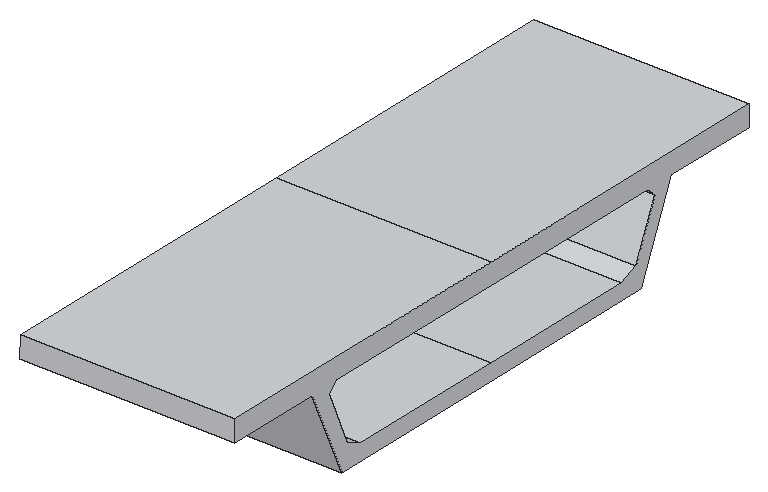
Revit family "Superstructure", category Structural Framing, Revit 2016
Family settings
  Structural Framing Length Roundoff = 0 m
  Section Shape = Not Defined
  Material for Model Behavior = Other
  Always export as geometry = No
  OmniClass Number = 23.25.30.11.14.14
  OmniClass Title = Beams
  Work Plane-Based = No
  Always vertical = Yes
  Cut with Voids When Loaded = No
  Symbolic Representation = From Family
  Shared = No
  Show family pre-cut in plan views = Yes
Parameters (values of type "Superstructure")
  Length [instance] = 4 m
Reference planes (m)
  plane 1 "Center (Front/Back)": y = 0
  plane 2: z = 0
  plane 3 "Center (Left/Right)": x = 0
  plane 4: x = -2
  plane 5: x = 2
  plane 6: z = -2
Forms (m)
  SweptBlend 1, solid
    path origin (0, 0, 0) x (1, 0, 0) y (0, 1, 0)
      loop
        line (-2, 0) -> (2, 0)
    profile "Superstructure Solid 1 : Superstructure Solid 1" origin (-2, 0, 0) x (0, 1, 0) y (0, 0, 1)
      loop
        line (0, 0) -> (-6, 0) -> (-6, -0.4) -> (-4.2, -0.4) -> (-3.5, -2) -> (0, -2) -> (3.5, -2) -> (4.2, -0.4) -> (6, -0.4) -> (6, 0) -> (0, 0)
    end profile "Superstructure Solid 1 : Superstructure Solid 1" origin (2, 0, 0) x (0, 1, 0) y (0, 0, 1)
      loop
        line (0, 0) -> (-6, 0) -> (-6, -0.4) -> (-4.2, -0.4) -> (-3.5, -2) -> (0, -2) -> (3.5, -2) -> (4.2, -0.4) -> (6, -0.4) -> (6, 0) -> (0, 0)
  SweptBlend 2, void
    path in 3D
      loop
        line (-2, 0, 0) -> (2, 0, 0)
    profile "Superstructure Void Profile : Superstructure Void Profile" origin (-2, 0, 0) x (0, 1, 0) y (0, 0, 1)
      loop
        line (0, -0.4) -> (-3.622545, -0.4) -> (-3.80692, -0.55) -> (-3.36942, -1.55) -> (-3.053795, -1.7) -> (0, -1.7) -> (3.053795, -1.7) -> (3.36942, -1.55) -> (3.80692, -0.55) -> (3.622545, -0.4) -> (0, -0.4)
    end profile "Superstructure Void Profile : Superstructure Void Profile" origin (2, 0, 0) x (0, 1, 0) y (0, 0, 1)
      loop
        line (0, -0.4) -> (-3.622545, -0.4) -> (-3.80692, -0.55) -> (-3.36942, -1.55) -> (-3.053795, -1.7) -> (0, -1.7) -> (3.053795, -1.7) -> (3.36942, -1.55) -> (3.80692, -0.55) -> (3.622545, -0.4) -> (0, -0.4)
Cuts and joins
  SweptBlend 2 cuts SweptBlend 1
Lines and regions (m)
  model lines
    curve 1: line (-2, 0, 0) -> (2, 0, 0)
  sketch lines
    curve 2: line (-2, 0, 0) -> (2, 0, 0)
Dimensions and locks (m)
  "Length": plane 4 to plane 5
  equal spacing: plane 4, plane 3 "Center (Left/Right)", plane 5
  aligned and locked: level to plane 2
  aligned and locked: plane 1 "Center (Front/Back)" to SweptBlend 1 sketch curve
  aligned and locked: cut or joined group of SweptBlend 1, SweptBlend 2 to plane 4
  aligned and locked: cut or joined group of SweptBlend 1, SweptBlend 2 to plane 5
  aligned and locked: plane 1 "Center (Front/Back)" to curve 1
  aligned and locked: plane 6 to cut or joined group of SweptBlend 1, SweptBlend 2
  aligned and locked: cut or joined group of SweptBlend 1, SweptBlend 2 to plane 6  (x2)
Automatic sketch dimensions
  curve 1 to plane 4 = 0 m
  curve 1 to plane 5 = 0 m
  SweptBlend 1 sketch curve to plane 4 = 0 m
  SweptBlend 1 sketch curve to plane 5 = 0 m
